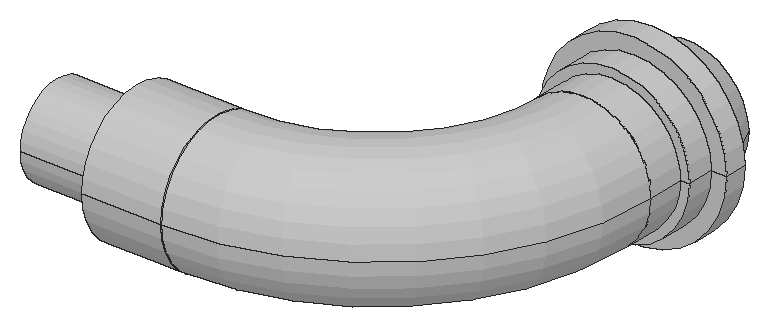
Revit family "6249 00_Eisenrohranschlussbogen 90°", category Rohrformteile, Revit 2021
Family settings
  Bemaßung runder Anschluss = Radius verwenden
  Teiletyp = Bogen
  OmniClass-Nummer = 23.60.30.11.14
  OmniClass-Titel = Pipework Fittings
  Arbeitsebenenbasiert = Nein
  Immer vertikal = Ja
  Beim Laden mit Abzugskörper schneiden = Nein
  Gemeinsam genutzt = Nein
Parameters (values of type "R3/8")
  Vorgabe-Ansicht = 0.00 mm
  URL = "www.herz-armaturen.at"
  SCRNSEQ = "AWI;AWI_TYP=\"1001\";1"
  SCRNCODE = "07;08;01"  # constant formula
  R01 [instance] = size_lookup("Elbow Steel DIN 2605", "R1", 1.00 mm, Nenndurchmesser)  # 9.20 mm
  O-Ring = "EPDM"  # constant formula
  Medium = "Heizungswasser nach ÖNORM H5195 oder VDI- Richtlinie 2035.\r\nDie Verwendung von Ethylen- oder Propyleneglykol in einem Mischungsverhältnis 25- 50% ist zulässig."
  Max. Betriebstemperatur = 110 °C  # constant formula
  Max. Betriebsdruck = 1000000.0 Pa  # constant formula
  L02 [instance] = if(Nenndurchmesser = 10.00 mm, 17.50 mm, if(Nenndurchmesser = 15.00 mm, 25.00 mm, if(Nenndurchmesser = 20.00 mm, 26.60 mm, 0.00 mm)))  # 17.50 mm
  L01 [instance] = size_lookup("Elbow Steel DIN 2605", "L1", 1.00 mm, Nenndurchmesser)  # 8.80 mm
  L00 [instance] = size_lookup("Elbow Steel DIN 2605", "L", 1.00 mm, Nenndurchmesser)  # 40.00 mm
  Hinweiß = "Der O-Ring dient als zusätzliche Dichtung, bei Verlust ist der Eisenrohranschlussbogen metallisch dichtend."
  Hersteller = "HERZ Armaturen Ges.m.b.H."  # constant formula
  H03 [instance] = size_lookup("Elbow Steel DIN 2605", "H3", 1.00 mm, Nenndurchmesser)  # 3.00 mm
  H02 [instance] = size_lookup("Elbow Steel DIN 2605", "H2", 1.00 mm, Nenndurchmesser)  # 2.50 mm
  H01 [instance] = size_lookup("Elbow Steel DIN 2605", "H1", 1.00 mm, Nenndurchmesser)  # 7.30 mm
  H00 [instance] = size_lookup("Elbow Steel DIN 2605", "H", 1.00 mm, Nenndurchmesser)  # 36.80 mm
  D03 [instance] = size_lookup("Elbow Steel DIN 2605", "D3", 1.00 mm, Nenndurchmesser)  # 8.50 mm
  D02 [instance] = size_lookup("Elbow Steel DIN 2605", "D2", 1.00 mm, Nenndurchmesser)  # 9.15 mm
  D01 [instance] = size_lookup("Elbow Steel DIN 2605", "D1", 1.00 mm, Nenndurchmesser)  # 7.14 mm
  D00 [instance] = size_lookup("Elbow Steel DIN 2605", "D", 1.00 mm, Nenndurchmesser)  # 10.20 mm
  Bogen = "Messing CC754S, vernickelt"  # constant formula
  Bestellnummer [instance] = if(Nenndurchmesser = 10.00 mm, 1624900, if(Nenndurchmesser = 15.00 mm, 1624901, if(Nenndurchmesser = 20.00 mm, 1624902, 0)))  # 1624900
  Außenradius [instance] = size_lookup("Elbow Steel DIN 2605", "ORad", 0.5 * Nenndurchmesser + 5.90 mm, Nenndurchmesser)  # 7.50 mm
  Nennradius [instance] = 5 mm  # constant formula
  Nenndurchmesser [instance] = Nennradius * 2  # 10 mm
  Verlustberechnungsmethode = K-Koeffizient aus Tabelle
  Name der Abruftabelle = "Elbow Steel DIN 2605"
  Länge 2 [instance] = Bogenradius - Bogenradius * cos(Winkel)  # 22.50 mm
  Länge 1 [instance] = Bogenradius * sin(Winkel)  # 22.50 mm
  K-Koeffizient-Tabelle = "Regular 45, 90 and 180 Elbow"
  Ausführung = "Eisenrohranschlussbogen 90° aus Messing vernickelt, konisch dichtend, ohne Mutter."
  Abstand Mittelpunkt Ende [instance] = Radius 1 * tan(Winkel / 2)  # 22.5 mm
  Radius 1 [instance] = if(Bogenradius < Außenradius + 1 mm, Außenradius + 1 mm, Bogenradius)  # 22.5 mm
  Bogenradius [instance] = size_lookup(Name der Abruftabelle, "CRad", 1.02 * Nenndurchmesser + 0.4 mm, Nenndurchmesser)  # 22.5 mm
  Winkel [instance] = 90.00°  # constant formula
  3_8 = yes
Reference planes
  plane 1 "Mitte (Vorne/hinten)": y = 0
  plane 2: z = 0
  plane 3 "Mitte (Links/rechts)": x = 0
  plane 4: x = -22.5
  plane 5: y = 22.5
  plane 6: y = 5
  plane 7: y = -5
  plane 8: z = 5
  plane 9: z = -5
  plane 10: x = 0
  plane 11: y = 22.5
Forms (mm)
  Sweep 1, solid, material "Messing, vernickelt", detail levels fine
    path in 3D
      loop
        arc (-22.5, 0, 0) -> (-6.59, 6.59, 0) -> (0, 22.5, 0) r 22.5
    profile origin (-6.59, 6.59, 0) x (-0.707107, 0.707107, 0) y (0, 0, 1)
      loop
        circle (0, 0) r 7.5
  Revolve 2, solid, material "Messing, vernickelt", detail levels fine
    sketch origin (-22.5, 22.5, 0) x (0, -1, 0) y (1, 0, 0)
      loop
        line (-14.3, 22.5) -> (-14.3, 15.75) -> (-9.5, 13.35) -> (-9.5, 12.3) -> (-7, 12.3) -> (-7, 14) -> (-4, 14) -> (-4, 15) -> (0, 15) -> (0, 22.5) -> (-14.3, 22.5)
      axis (-14.3, 22.5) -> (0, 22.5)
    angle from 0 to 360
  Revolve 3, solid, material "Messing, vernickelt", detail levels fine
    sketch origin (-22.5, 22.5, 0) x (0, -1, 0) y (1, 0, 0)
      loop
        line (22.5, 0) -> (22.5, -17.5) -> (27.5, -17.5) -> (27.5, -8.7) -> (30, -8.7) -> (30, 0) -> (22.5, 0)
      axis (22.5, 0) -> (22.5, -17.5)
    angle from 0 to 360
Lines and regions (mm)
  reference lines
    curve 1: arc (-22.5, 0, 0) -> (-6.59, 6.59, 0) -> (0, 22.5, 0) r 22.5
    curve 6: line (-22.5, 22.5, 0) -> (25.987, 22.5, 0)
    curve 7: line (-22.5, 22.5, 0) -> (-22.5, 69.41, 0)
    curve 8: line (0, 60.647, 0) -> (0, -16.715, 0)
    curve 9: line (-5, 52.941, 0) -> (-5, 27.941, 0)
    curve 10: line (5, 52.941, 0) -> (5, 27.941, 0)
    curve 14: line (-22.5, 22.5, 0) -> (-22.5, 0, 0)
  sketch lines
    curve 2: arc (-22.5, 0, 0) -> (-6.59, 6.59, 0) -> (0, 22.5, 0) r 22.5
  model lines, style "Symbol", detail levels coarse+medium
    curve 3: line (-22.5, 0, 25) -> (-22.5, 0, -25)
    curve 5: line (-22.5, 5, 0) -> (-22.5, -5, 0)
    curve 12: line (-5, 22.5, 0) -> (5, 22.5, 0)
    curve 15: arc (-22.5, 0, 0) -> (-6.59, 6.59, 0) -> (0, 22.5, 0) r 22.5
    curve 16: line (0, 22.5, 5) -> (0, 22.5, -5)
  model lines, detail levels coarse+medium
    curve 4: line (-22.5, 5, 0) -> (-22.5, -5, 0)
    curve 11: line (-5, 22.5, 0) -> (5, 22.5, 0)
    curve 13: arc (-22.5, 0, 0) -> (-6.59, 6.59, 0) -> (0, 22.5, 0) r 22.5
Dimensions and locks
  "Abstand Mittelpunkt Ende": plane 4 to plane 3 "Mitte (Links/rechts)"
  "Radius 1": plane 5 to plane 1 "Mitte (Vorne/hinten)"
  locked: plane 5 to curve 1 at 0
  locked: plane 4 to curve 1 at 0
  "Nennradius": plane 6 to plane 1 "Mitte (Vorne/hinten)"
  equal spacing: plane 6, plane 1 "Mitte (Vorne/hinten)", plane 7
  "Radius 1": curve 7 to curve 8
  "Nennradius": curve 9 to curve 8
  "Nennradius": curve 8 to curve 10
  "Nennradius": plane 8 to plane 2
  "Nennradius": plane 9 to plane 2
  "Länge 1": plane 4 to plane 10
  "Länge 2": plane 11 to plane 1 "Mitte (Vorne/hinten)"
  "D02": Revolve 2 sketch curve to curve 8
  "D00": Revolve 2 sketch curve to curve 8
  "D03": Revolve 2 sketch curve to curve 8
  "Außenradius": Revolve 2 sketch curve to Revolve 2 sketch curve
  "H03": Revolve 2 sketch curve to Revolve 2 sketch curve
  "H01": Revolve 2 sketch curve to Revolve 2 sketch curve
  "H02": Revolve 2 sketch curve to Revolve 2 sketch curve
  "H00": Revolve 2 sketch curve to plane 1 "Mitte (Vorne/hinten)"
  "Länge 1": plane 4 to Revolve 2 sketch curve
  "Radius 1": plane 4 to Revolve 2 sketch curve
  "L00": Revolve 3 sketch curve to plane 3 "Mitte (Links/rechts)"
  "Radius 1": plane 11 to Revolve 3 sketch curve
  "Nennradius": Revolve 3 sketch curve to Revolve 3 sketch curve
  "L01": Revolve 3 sketch curve to Revolve 3 sketch curve
  "Außenradius": Revolve 3 sketch curve to Revolve 3 sketch curve
  "Radius 1": Revolve 3 sketch curve to plane 11
  "L02": Revolve 3 sketch curve to Revolve 3 sketch curve
  "Radius 1": radius of curve 1
  "Außenradius": radius of Sweep 1 sketch curve
  "Radius 1": radius of curve 13
  "Radius 1": radius of curve 15
  "Winkel": angle curve 1 to curve 1
  "Winkel": angle plane 4 to curve 6
  locked: curve 6 to curve 7 (angle 90.00°)
  locked: curve 6 to curve 8 (angle 90.00°)
  locked: curve 6 to curve 9 (angle 90.00°)
  locked: curve 6 to curve 10 (angle 90.00°)
  "Winkel": angle curve 13 to curve 13
  "Winkel": angle curve 15 to curve 15
  aligned and locked: plane 4 to curve 1
  aligned and locked: curve 4 to plane 6
  aligned and locked: curve 4 to plane 7
  aligned and locked: curve 4 to plane 4
  aligned and locked: curve 5 to plane 7
  aligned and locked: curve 5 to plane 6
  aligned and locked: curve 5 to plane 4
  aligned and locked: plane 4 to curve 6
  aligned and locked: plane 5 to curve 6
  aligned and locked: plane 4 to curve 7
  aligned and locked: plane 5 to curve 7
  aligned and locked: curve 9 to curve 11
  aligned and locked: curve 10 to curve 11
  aligned and locked: curve 6 to curve 11
  aligned and locked: curve 9 to curve 12
  aligned and locked: curve 10 to curve 12
  aligned and locked: curve 6 to curve 12
  aligned and locked: plane 4 to curve 13  (x2)
  aligned and locked: plane 1 "Mitte (Vorne/hinten)" to curve 13
  aligned and locked: plane 5 to curve 14
  aligned and locked: curve 14 to plane 4
  aligned and locked: plane 5 to curve 15
  aligned and locked: plane 4 to curve 15  (x2)
  aligned and locked: plane 8 to curve 16
  aligned and locked: curve 16 to plane 9
  aligned and locked: curve 16 to plane 11
Automatic sketch dimensions
  curve 3 to curve 3 = 50.00 mm
  Sweep 1 sketch curve to profile plane = 0.00 mm
  profile plane to Sweep 1 sketch curve = 0.00 mm
  curve 8 to curve 6 = 39.215 mm
  curve 9 to curve 6 = 5.441 mm
  curve 10 to curve 6 = 5.441 mm
  curve 14 to Revolve 2 sketch curve = 0.00 mm
  Revolve 2 sketch curve to Revolve 2 sketch curve = 2.40 mm
  Revolve 2 sketch curve to Revolve 2 sketch curve = 23.847 mm
  curve 14 to Revolve 2 sketch curve = 16.715 mm
  Revolve 3 sketch curve to Revolve 3 sketch curve = 1484.00 mm
  plane 3 "Mitte (Links/rechts)" to Revolve 3 sketch curve = 1524.00 mm
Connectors
  piping at (-40, 0, 0), diameter 10, driven by "Nennradius"
    settings: on Revolve 3, index 2, connector inside diameter 609.6 mm, connector length 0.00 mm, flow factor 0, pipe flow 0.0 L/s, pressure drop 0.0 Pa, fitting loss kfactor 0, connector angle 0.00°, fixture units 0, engagement length 0.00 mm, angle of deflection 0.00°, flow configuration 0, flow direction 0, fitting loss method 0, system type 7, joint type 0, gender type 0, connector reference index -1, connector utility 0, adjustable connector no, is connector primary yes, connector description ""
  piping at (0, 36.8, 0), diameter 10, driven by "Nennradius"
    settings: on Revolve 2, index 3, connector inside diameter 609.6 mm, connector length 0.00 mm, flow factor 0, pipe flow 0.0 L/s, pressure drop 0.0 Pa, fitting loss kfactor 0, connector angle 0.00°, fixture units 0, engagement length 0.00 mm, angle of deflection 0.00°, flow configuration 0, flow direction 0, fitting loss method 0, system type 7, joint type 0, gender type 0, connector reference index -1, connector utility 0, adjustable connector no, is connector primary no, connector description ""
